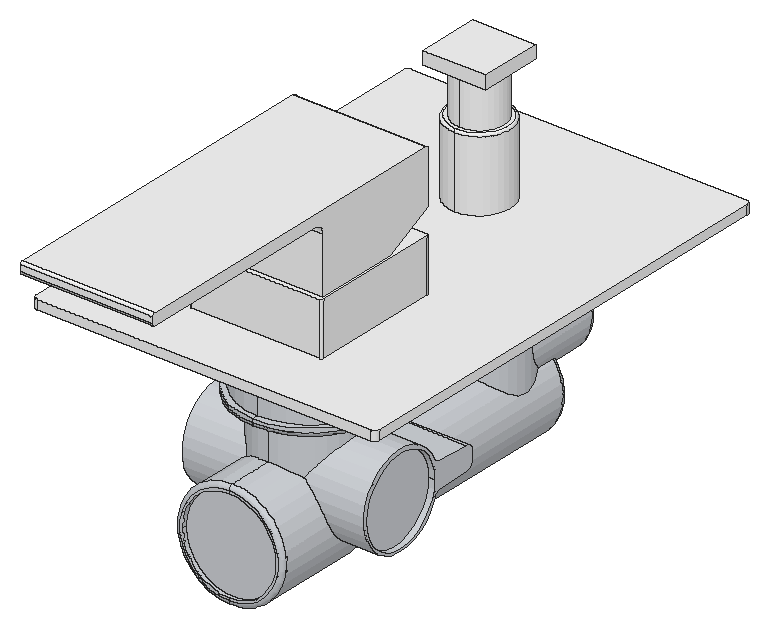
Revit family "Reece_Tap_Mizu_Bloc MK2_Shower Mixer_Diverter", category Plumbing Fixtures, host Face, Revit 2018
Family settings
  Host = Face
  Round Connector Dimension = Use Diameter
  Part Type = Normal
  Cut with Voids When Loaded = No
  Shared = Yes
  Room Calculation Point = Yes
Parameters (values of type "Chrome")
  WFU = 0  # constant formula
  URL = "https://www.reece.com.au/product/-9508070"
  Type Comments = "Tap\r\n"
  Reece_Tap_Inlet = 25 mm  # constant formula
  Reece_Tap_Clearance = 42 mm  # constant formula
  Reece_Product_Web Page = "https://www.reece.com.au/product/-9508070"
  Reece_Product_Type = "Tap\r\n"  # constant formula
  Reece_Product_Sub Brand = "Bloc MK2\r\n"  # constant formula
  Reece_Product_Number = "9508070"
  Reece_Product_Mount = "Wall Mounted"
  Reece_Product_Description = "Mizu Bloc MK2 Shower Mixer Tap with Diverter Chrome"
  Reece_Product_Brand = "Mizu\r\n"  # constant formula
  Reece_Overall_Width = 110 mm  # constant formula
  Reece_Overall_Length = 150 mm  # constant formula
  Reece_Overall_Height = 197 mm  # constant formula
  Reece_Material-Main = Reece_Brass_Chrome
  Reece_Detail_Installation = ""
  Reece_Detail_Disclaimer = "THIS FILE IS THE PROPERTY OF THE REECE GROUP. IT MAY NOT BE REPRODUCED, REVERSE-ENGINEERED OR MODIFIED. ANY REPUBLICATION, TRANSMISSION OR DISTRIBUTION FOR THE PURPOSE OF COMMERCIALLY EXPLOITING THE FILES IS PROHIBITED."  # constant formula
  Reece_Detail_Connector = ""
  Reece_Detail_Additional = "Diverter\r\n"  # constant formula
  Model = "Bloc MK2\r\n"
  Manufacturer = "Mizu\r\n"
  Keynote = "Product #9508070, Reece_Tap_Mizu_Bloc MK2_Shower Mixer_Diverter - Chrome"
  HWFU = 0  # constant formula
  Disclaimer = "THIS FILE IS THE PROPERTY OF THE REECE GROUP. IT MAY NOT BE REPRODUCED, REVERSE-ENGINEERED OR MODIFIED. ANY REPUBLICATION, TRANSMISSION OR DISTRIBUTION FOR THE PURPOSE OF COMMERCIALLY EXPLOITING THE FILES IS PROHIBITED."  # constant formula
  Description = "Mizu Bloc MK2 Shower Mixer Tap with Diverter Chrome"
  Default Elevation = 1000 mm
  CWFU = 0  # constant formula
Types (3, lengths in mm): name | URL | Reece_Product_Web Page | Reece_Product_Number | Reece_Product_Description | Reece_Material-Main | Keynote | Description
  (no name) | "https://www.reece.com.au/product/-9508070" | "https://www.reece.com.au/product/-9508070" | "9508070" | "Mizu Bloc MK2 Shower Mixer Tap with Diverter Chrome" | Reece_Brass_Chrome | "Product #9508070, Reece_Tap_Mizu_Bloc MK2_Shower Mixer_Diverter -  " | "Mizu Bloc MK2 Shower Mixer Tap with Diverter Chrome"
  Chrome | "https://www.reece.com.au/product/-9508070" | "https://www.reece.com.au/product/-9508070" | "9508070" | "Mizu Bloc MK2 Shower Mixer Tap with Diverter Chrome" | Reece_Brass_Chrome | "Product #9508070, Reece_Tap_Mizu_Bloc MK2_Shower Mixer_Diverter - Chrome" | "Mizu Bloc MK2 Shower Mixer Tap with Diverter Chrome"
  Matte Black | "https://www.reece.com.au/product/-9508084" | "https://www.reece.com.au/product/-9508084" | "9508084" | "Mizu Bloc MK2 Shower Mixer Tap with Diverter Matte Black" | Reece_Brass_Matte Black | "Product #9508084, Reece_Tap_Mizu_Bloc MK2_Shower Mixer_Diverter - Matte Black" | "Mizu Bloc MK2 Shower Mixer Tap with Diverter Matte Black"
Reference planes
  plane 1 "Center (Front/Back)": y = 0
  plane 2 "Bottom": z = 0
  plane 3 "Center (Left/Right)": x = 0
  plane 4: x = -54.999
  plane 5: x = 55.001
  plane 6: y = -89.3
  plane 7: y = 20.7
  plane 8: z = 3
  plane 9: y = 107.7
  plane 10: y = 67.692
  plane 11: y = -42.3
  plane 12: x = -21.241
  plane 13: x = 21.241
  plane 14: z = 19.785
  plane 15: z = -15.215
  plane 16 "Top": z = 45.618
  plane 17: z = 42
Forms (mm)
  Revolve 1, solid, material "Reece_Brass_Chrome" <- "Reece_Material-Main"
    sketch origin (0, 0, 0) x (0, 1, 0) y (0, 0, 1)
      loop
        arc (0, 35.123) -> (-13.115, 31.491) -> (-20.113, 19.82) r 18.332
        line (-20.113, 19.82) -> (0, 19.82) -> (0, 35.123)
      axis (0, 35.123) -> (0, 19.82)
    angle from 0 to 360
  Extrusion 2, solid, material "Reece_Brass_Chrome" <- "Reece_Material-Main"
    sketch origin (0, 0, -18.438) x (0, -1, 0) y (0, 0, 1)
      loop
        line (-20.7, 46.6) -> (-5.18, 39.207) -> (21.489, 39.207) -> (21.489, 57.284)
        arc (21.489, 57.284) -> (22.413, 59.514) -> (24.643, 60.437) r 3.153
        line (24.643, 60.437) -> (88.494, 60.437)
        arc (88.494, 60.437) -> (89.064, 60.673) -> (89.3, 61.243) r 0.805
        line (89.3, 61.243) -> (89.3, 63.146)
        arc (89.3, 63.146) -> (89.034, 63.789) -> (88.391, 64.055) r 0.909
        line (88.391, 64.055) -> (-19.678, 64.055)
        arc (-19.678, 64.055) -> (-20.401, 63.756) -> (-20.7, 63.033) r 1.022
        line (-20.7, 63.033) -> (-20.7, 46.6)
    from -21.241 to 21.241
  Extrusion 3, solid
    sketch origin (0, 0, -17.709) x (0, 1, 0) y (0, 0, 1)
      loop
        arc (28.619, -24.627) -> (28.053, -23.203) -> (26.663, -22.556) r 2.075
        line (26.663, -22.556) -> (15.199, -21.901)
        arc (15.199, -21.901) -> (14.251, -21.608) -> (13.549, -20.906) r 2.065
        arc (13.549, -20.906) -> (-14.794, -26.563) -> (13.614, -31.884) r 14.719
        arc (13.614, -31.884) -> (14.078, -30.763) -> (15.199, -30.299) r 1.585
        line (15.199, -30.299) -> (26.524, -29.733)
        arc (26.524, -29.733) -> (28.012, -29.05) -> (28.619, -27.53) r 2.205
        line (28.619, -27.53) -> (28.619, -24.627)
    from -28.981 to 28.981
  Revolve 4, solid
    sketch origin (0, 0, -27.266) x (0, 1, 0) y (0, 0, 1)
      loop
        arc (81.506, -43.319) -> (82.542, -42.89) -> (82.971, -41.855) r 1.465
        line (82.971, -41.855) -> (82.971, -27.637) -> (-17.891, -27.637) -> (-17.891, -41.855)
        arc (-17.891, -41.855) -> (-17.462, -42.89) -> (-16.426, -43.319) r 1.465
        line (-16.426, -43.319) -> (81.506, -43.319)
      axis (82.971, -27.637) -> (-17.891, -27.637)
    angle from 0 to 360
  Revolve 5, solid
    sketch origin (0, -1.25, -27.266) x (0, 1, 0) y (0, 0, 1)
      loop
        line (-15.375, 1.578) -> (-15.375, -22.287) -> (0.625, -22.287) -> (0.625, 1.578) -> (-15.375, 1.578)
      axis (0.625, 1.578) -> (0.625, -22.287)
    angle from 0 to 360
  Revolve 6, solid
    sketch origin (0, 0, 0) x (0, 1, 0) y (0, 0, 1)
      loop
        line (-15.309, -5.105) -> (0, -5.105) -> (0, 0) -> (-26.489, 0)
        arc (-26.489, 0) -> (-26.122, -1.382) -> (-25.029, -2.305) r 2.38
        line (-25.029, -2.305) -> (-25.029, -4.033)
        arc (-25.029, -4.033) -> (-24.819, -4.555) -> (-24.305, -4.784) r 0.751
        line (-24.305, -4.784) -> (-15.309, -5.105)
      axis (0, 0) -> (0, -5.105)
    angle from 0 to 360
  Extrusion 7, solid, material "Reece_Brass_Chrome" <- "Reece_Material-Main"
    sketch origin (0, 0, 0) x (1, 0, 0) y (0, 1, 0)
      loop
        line (53.266, 107.7) -> (-53.502, 107.7)
        arc (-53.502, 107.7) -> (-54.604, 107.244) -> (-55.06, 106.142) r 1.558
        line (-55.06, 106.142) -> (-55.06, -40.401)
        arc (-55.06, -40.401) -> (-54.504, -41.744) -> (-53.162, -42.3) r 1.898
        line (-53.162, -42.3) -> (53.384, -42.3)
        arc (53.384, -42.3) -> (54.484, -41.844) -> (54.94, -40.744) r 1.556
        line (54.94, -40.744) -> (54.94, 106.026)
        arc (54.94, 106.026) -> (54.45, 107.21) -> (53.266, 107.7) r 1.674
    from 0 to 3
  Revolve 8, solid, material "Reece_Brass_Chrome" <- "Reece_Material-Main"
    sketch origin (0, 0, 0) x (0, 1, 0) y (0, 0, 1)
      loop
        line (57.786, -6.649) -> (67.692, -6.649) -> (67.692, 42.951) -> (59.72, 42.951) -> (59.72, 26.285) -> (58.474, 26.285)
        arc (58.474, 26.285) -> (57.988, 26.083) -> (57.786, 25.597) r 0.688
        line (57.786, 25.597) -> (57.786, -6.649)
      axis (67.692, 42.951) -> (67.692, -6.649)
    angle from 0 to 360
  Extrusion 9, solid, material "Reece_Brass_Chrome" <- "Reece_Material-Main"
    sketch origin (0, 0, 0) x (1, 0, 0) y (0, 1, 0)
      loop
        line (-10, 57.692) -> (10, 57.692) -> (10, 77.692) -> (-10, 77.692) -> (-10, 57.692)
    from 41.465 to 45.618
  Revolve 10, solid
    sketch origin (0, 0, 0) x (0, 1, 0) y (0, 0, 1)
      loop
        line (-20.938, -9.573) -> (-20.938, -21.056) -> (-22.746, -21.056) -> (-22.746, -22.379)
        arc (-22.746, -22.379) -> (-22.17, -23.478) -> (-20.938, -23.629) r 1.336
        arc (-20.938, -23.629) -> (-19.397, -24.254) -> (-18.554, -25.688) r 2.587
        line (-18.554, -25.688) -> (-0.156, -25.688) -> (-0.156, -9.573) -> (-20.938, -9.573)
      axis (-0.156, -25.688) -> (-0.156, -9.573)
    angle from 0 to 360
  Revolve 11, solid
    sketch origin (0, 0, 0) x (0, 1, 0) y (0, 0, 1)
      loop
        line (68.004, -15.653) -> (53.22, -15.653)
        arc (53.22, -15.653) -> (51.991, -16.162) -> (51.482, -17.391) r 1.737
        line (51.482, -17.391) -> (51.483, -21.699)
        arc (51.483, -21.699) -> (52.036, -23.718) -> (53.541, -25.173) r 3.961
        line (53.541, -25.173) -> (53.541, -60.422) -> (68.004, -60.422) -> (68.004, -15.653)
      axis (68.004, -15.653) -> (68.004, -60.422)
    angle from 0 to 360
  Revolve 12, solid
    sketch origin (0, 0, 0) x (0, 1, 0) y (0, 0, 1)
      loop
        line (95.099, -24.273) -> (67.692, -24.273) -> (67.692, -38.424) -> (96.508, -38.424) -> (96.508, -25.682)
        arc (96.508, -25.682) -> (96.095, -24.685) -> (95.099, -24.273) r 1.409
      axis (96.508, -38.424) -> (67.692, -38.424)
    angle from 0 to 360
  Revolve 13, solid
    sketch origin (0, 0, 0) x (0, 1, 0) y (0, 0, 1)
      loop
        line (0, -70.585) -> (0, -53.34) -> (-32.266, -53.34) -> (-32.266, -69.12)
        arc (-32.266, -69.12) -> (-31.837, -70.156) -> (-30.801, -70.585) r 1.465
        line (-30.801, -70.585) -> (0, -70.585)
      axis (-32.266, -53.34) -> (0, -53.34)
    angle from 0 to 360
  Extrusion 14, void
    sketch origin (0, 0, 0) x (1, 0, 0) y (0, 0, 1)
      loop
        circle (0, -53.34) r 15
    from 30.92 to 42.3
  Extrusion 15, void
    sketch origin (0, 62.022, 15.593) x (1, 0, 0) y (0, 0, -1)
      loop
        circle (0, 53.965) r 12
    from 30.92 to 42.3
  Extrusion 16, void
    sketch origin (0, 0, 0) x (0, 1, 0) y (0, 0, 1)
      loop
        circle (0, -44.471) r 13.795
    from 26.826 to 34.927
  Extrusion 17, void
    sketch origin (0, 0, 0) x (0, 1, 0) y (0, 0, -1)
      loop
        circle (0, 44.471) r 13.795
    from 26.826 to 34.927
  Revolve 18, solid
    sketch origin (0, 0, 0) x (0, 1, 0) y (0, 0, 1)
      loop
        line (57.786, -6.649) -> (56.633, -7.802) -> (56.633, -15.653) -> (67.692, -15.653) -> (67.692, -3.433) -> (57.786, -3.433) -> (57.786, -6.649)
      axis (67.692, -3.433) -> (67.692, -15.653)
    angle from 0 to 360
  Revolve 19, solid, material "Reece_Brass_Chrome" <- "Reece_Material-Main"
    sketch origin (-0.354, -0.107, -7.759) x (0, 1, 0) y (0, 0, 1)
      loop
        line (-19.077, 37.918) -> (0, 37.918) -> (0, 52.259)
        arc (0, 52.259) -> (-12.408, 48.906) -> (-19.077, 37.918) r 17.297
      axis (0, 52.259) -> (0, 37.918)
    angle from 0 to 360
  Extrusion 20, solid, material "Reece_Brass_Chrome" <- "Reece_Material-Main"
    sketch origin (-49.653, -0.111, -7.759) x (1, 0, 0) y (0, 1, 0)
      loop
        arc (29.211, 21.12) -> (28.645, 20.886) -> (28.411, 20.32) r 0.8
        line (28.411, 20.32) -> (28.411, -20.801)
        arc (28.411, -20.801) -> (28.645, -21.367) -> (29.211, -21.601) r 0.8
        line (29.211, -21.601) -> (70.094, -21.601)
        arc (70.094, -21.601) -> (70.66, -21.367) -> (70.894, -20.801) r 0.8
        line (70.894, -20.801) -> (70.894, 20.362)
        arc (70.894, 20.362) -> (70.672, 20.898) -> (70.135, 21.12) r 0.758
        line (70.135, 21.12) -> (29.211, 21.12)
    from -0.053 to 27.579
Cuts and joins
  joined: Revolve 1, Extrusion 2, Extrusion 7, Revolve 8, Extrusion 9, Extrusion 20
  Extrusion 16, Extrusion 17 cuts Extrusion 3
  Extrusion 17 cuts Revolve 4
  Extrusion 17 cuts Revolve 5
  Extrusion 17 cuts Revolve 10
  Extrusion 17 cuts Revolve 11
  Extrusion 15, Extrusion 17 cuts Revolve 12
  Extrusion 14, Extrusion 17 cuts Revolve 13
  joined: Extrusion 3, Revolve 4, Revolve 5, Revolve 10, Revolve 11, Revolve 12, Revolve 13, Revolve 18
Text (mm)
  text "Reece Copyright © 2018, Reece Ltd." at (36.045, -176.794, 0), in view "Ref. Level"
  text "Reece ©" at (90.751, 227.549, 114.577), in view "Reece Preview"
Dimensions and locks
  plane 4 to plane 5 = 110 mm  (x2)
  plane 8 to host face = 2.897 mm
  "Reece_Overall_Length": plane 11 to plane 9
  plane 1 "Center (Front/Back)" to plane 10 to plane 9 = 67.692 mm, 40.009 mm
  plane 12 to plane 13 = 42.483 mm
  "Reece_Overall_Height": plane 9 to plane 6
  plane 8 to plane 2 "Bottom" = 3 mm
  plane 14 to plane 15 = 35 mm
  plane 7 to plane 6 = 110 mm
  plane 9 to plane 6 = 197 mm
  "Reece_Overall_Width": plane 4 to plane 5
  plane 15 to plane 14 = 35 mm
  plane 6 to plane 9 = 197 mm
  "Reece_Tap_Clearance": plane 17 to plane 2 "Bottom"
  plane 6 to plane 7 = 110 mm
  aligned and locked: plane 2 "Bottom" to host face
  aligned and locked: level to host face
  aligned and locked: Extrusion 7 to plane 8
Automatic sketch dimensions
  host sketch curve to host sketch curve = 380.785 mm
  host sketch curve to host sketch curve = 317.421 mm
  Extrusion 2 sketch curve to plane 7 = 0 mm
  Extrusion 2 sketch curve to plane 16 "Top" = 0 mm
  Extrusion 2 sketch curve to plane 17 = 0 mm
  Extrusion 2 sketch curve to plane 6 = 0 mm
  Extrusion 2 sketch curve to plane 7 = 1.022 mm
  plane 14 to Extrusion 2 sketch curve = 0.984 mm
  Extrusion 2 sketch curve to plane 1 "Center (Front/Back)" = 5.18 mm
  Extrusion 2 sketch curve to plane 11 = 20.81 mm
  Extrusion 2 sketch curve to Extrusion 2 sketch curve = 3.153 mm
  plane 6 to Extrusion 2 sketch curve = 0.909 mm
  plane 6 to Extrusion 2 sketch curve = 0.805 mm
  plane 14 to Extrusion 2 sketch curve = 8.377 mm
  plane 1 "Center (Front/Back)" to Extrusion 3 sketch curve = 0.075 mm
  Extrusion 3 sketch curve to plane 7 = 5.501 mm  (x2)
  Extrusion 3 sketch curve to Extrusion 3 sketch curve = 0.118 mm  (x2)
  plane 7 to Extrusion 3 sketch curve = 5.714 mm
  Extrusion 3 sketch curve to Extrusion 3 sketch curve = 0.11 mm
  Extrusion 3 sketch curve to Extrusion 3 sketch curve = 0.13 mm
  Extrusion 3 sketch curve to Extrusion 3 sketch curve = 2.205 mm
  Extrusion 3 sketch curve to plane 15 = 34.378 mm
  Extrusion 3 sketch curve to Extrusion 3 sketch curve = 1.585 mm
  Extrusion 3 sketch curve to Extrusion 3 sketch curve = 0.566 mm
  Extrusion 3 sketch curve to Extrusion 3 sketch curve = 5.408 mm
  Extrusion 3 sketch curve to Extrusion 3 sketch curve = 2.903 mm
  Extrusion 3 sketch curve to Extrusion 3 sketch curve = 8.398 mm
  Extrusion 3 sketch curve to Extrusion 3 sketch curve = 2.062 mm
  plane 1 "Center (Front/Back)" to Revolve 4 sketch curve = 17.891 mm
  Revolve 4 sketch curve to Revolve 4 sketch curve = 1.465 mm  (x2)
  Revolve 4 sketch curve to plane 10 = 13.814 mm
  Revolve 4 sketch curve to plane 15 = 55.37 mm
  Revolve 4 sketch curve to Revolve 4 sketch curve = 14.218 mm
  Revolve 4 sketch curve to plane 11 = 3.323 mm
  Revolve 4 sketch curve to plane 9 = 8.323 mm
  Revolve 4 sketch curve to Revolve 4 sketch curve = 0 mm
  plane 1 "Center (Front/Back)" to Revolve 5 sketch curve = 16.625 mm
  plane 1 "Center (Front/Back)" to Revolve 5 sketch curve = 0.625 mm  (x2)
  Revolve 5 sketch curve to plane 15 = 34.338 mm
  Revolve 5 sketch curve to plane 15 = 10.473 mm
  Revolve 5 sketch curve to Revolve 5 sketch curve = 16.823 mm
  Revolve 5 sketch curve to plane 15 = 2.835 mm
  level to Revolve 6 sketch curve = 0 mm
  Revolve 6 sketch curve to plane 1 "Center (Front/Back)" = 0 mm  (x2)
  Revolve 6 sketch curve to level = 5.105 mm
  plane 1 "Center (Front/Back)" to Revolve 6 sketch curve = 15.309 mm
  Revolve 6 sketch curve to level = 0.109 mm
  Revolve 6 sketch curve to Revolve 6 sketch curve = 8.803 mm
  Revolve 6 sketch curve to Revolve 6 sketch curve = 0.167 mm
  Revolve 6 sketch curve to level = 4.784 mm
  Revolve 6 sketch curve to Revolve 6 sketch curve = 0.027 mm
  Revolve 6 sketch curve to Revolve 6 sketch curve = 0.751 mm
  Revolve 6 sketch curve to Revolve 6 sketch curve = 2.377 mm
  plane 15 to Revolve 6 sketch curve = 0.111 mm
  plane 8 to Revolve 6 sketch curve = 3.306 mm
  plane 9 to Extrusion 7 sketch curve = 0 mm
  plane 11 to Extrusion 7 sketch curve = 0 mm
  plane 4 to Extrusion 7 sketch curve = 0.061 mm
  Extrusion 7 sketch curve to plane 4 = 1.497 mm
  Extrusion 7 sketch curve to plane 4 = 1.837 mm
  plane 5 to Extrusion 7 sketch curve = 1.735 mm
  plane 5 to Extrusion 7 sketch curve = 1.617 mm
  plane 5 to Extrusion 7 sketch curve = 0.061 mm
  Revolve 8 sketch curve to plane 10 = 0 mm  (x2)
  plane 10 to Revolve 8 sketch curve = 7.971 mm
  Revolve 8 sketch curve to Revolve 8 sketch curve = 1.246 mm
  plane 10 to Revolve 8 sketch curve = 9.905 mm
  Revolve 8 sketch curve to level = 6.649 mm
  plane 14 to Revolve 8 sketch curve = 5.811 mm
  plane 17 to Revolve 8 sketch curve = 0.951 mm
  Revolve 8 sketch curve to plane 15 = 6.485 mm
  plane 16 "Top" to Revolve 8 sketch curve = 8.125 mm
  Extrusion 9 sketch curve to plane 3 "Center (Left/Right)" = 10 mm
  plane 3 "Center (Left/Right)" to Extrusion 9 sketch curve = 10 mm
  plane 10 to Extrusion 9 sketch curve = 10 mm
  Extrusion 9 sketch curve to plane 10 = 10 mm
  Revolve 10 sketch curve to plane 15 = 5.842 mm
  Revolve 10 sketch curve to plane 11 = 19.554 mm
  Revolve 10 sketch curve to Revolve 10 sketch curve = 1.336 mm
  Revolve 10 sketch curve to Revolve 10 sketch curve = 0.322 mm
  plane 15 to Revolve 10 sketch curve = 5.642 mm
  Revolve 10 sketch curve to Revolve 10 sketch curve = 1.807 mm
  Revolve 10 sketch curve to Revolve 10 sketch curve = 2.534 mm
  plane 1 "Center (Front/Back)" to Revolve 10 sketch curve = 0.156 mm  (x2)
  Revolve 10 sketch curve to Revolve 10 sketch curve = 1.323 mm
  Revolve 10 sketch curve to Revolve 10 sketch curve = 3.309 mm
  Revolve 10 sketch curve to Revolve 10 sketch curve = 0.525 mm
  Revolve 10 sketch curve to Revolve 10 sketch curve = 0 mm
  Revolve 10 sketch curve to level = 1.68 mm
  Revolve 11 sketch curve to plane 15 = 2.176 mm
  plane 10 to Revolve 11 sketch curve = 16.21 mm
  Revolve 11 sketch curve to plane 15 = 6.484 mm
  Revolve 11 sketch curve to Revolve 11 sketch curve = 0.001 mm
  Revolve 11 sketch curve to Revolve 11 sketch curve = 1.737 mm
  Revolve 11 sketch curve to Revolve 11 sketch curve = 2.058 mm
  Revolve 11 sketch curve to Revolve 11 sketch curve = 3.961 mm
  Revolve 11 sketch curve to plane 10 = 0.312 mm  (x2)
  Revolve 11 sketch curve to Revolve 11 sketch curve = 3.474 mm
  Revolve 11 sketch curve to Revolve 11 sketch curve = 35.249 mm
  Revolve 11 sketch curve to Revolve 11 sketch curve = 0 mm
  Revolve 11 sketch curve to Revolve 11 sketch curve = 3.952 mm
  plane 15 to Revolve 11 sketch curve = 3.319 mm
  Revolve 12 sketch curve to plane 10 = 0 mm
  plane 9 to Revolve 12 sketch curve = 12.602 mm
  plane 9 to Revolve 12 sketch curve = 11.192 mm
  Revolve 12 sketch curve to plane 15 = 23.209 mm  (x2)
  Revolve 12 sketch curve to plane 15 = 10.467 mm
  plane 7 to Revolve 12 sketch curve = 18.045 mm
  plane 9 to Revolve 12 sketch curve = 5.334 mm
  Revolve 13 sketch curve to plane 1 "Center (Front/Back)" = 0 mm
  Revolve 13 sketch curve to plane 11 = 11.499 mm
  Revolve 13 sketch curve to plane 11 = 10.034 mm
  Revolve 13 sketch curve to plane 15 = 55.37 mm
  Revolve 13 sketch curve to Revolve 13 sketch curve = 15.78 mm
  Revolve 13 sketch curve to Revolve 13 sketch curve = 0 mm  (x2)
  plane 7 to Revolve 13 sketch curve = 5 mm
  Extrusion 14 sketch curve to plane 3 "Center (Left/Right)" = 0 mm
  Extrusion 14 sketch curve to plane 15 = 38.125 mm
  Extrusion 15 sketch curve to plane 3 "Center (Left/Right)" = 0 mm
  Extrusion 15 sketch curve to plane 15 = 23.157 mm
  Extrusion 16 sketch curve to plane 1 "Center (Front/Back)" = 0 mm
  Extrusion 16 sketch curve to plane 15 = 29.256 mm
  Extrusion 17 sketch curve to plane 1 "Center (Front/Back)" = 0 mm
  Extrusion 17 sketch curve to plane 15 = 29.256 mm
  Revolve 18 sketch curve to plane 10 = 0 mm  (x2)
  plane 10 to Revolve 18 sketch curve = 9.905 mm
  Revolve 18 sketch curve to Revolve 18 sketch curve = 1.153 mm  (x2)
  Revolve 18 sketch curve to plane 15 = 0.439 mm
  plane 15 to Revolve 18 sketch curve = 7.413 mm
  Revolve 18 sketch curve to Revolve 18 sketch curve = 3.217 mm
  Revolve 18 sketch curve to Revolve 18 sketch curve = 18.345 mm
  plane 14 to Revolve 18 sketch curve = 8.613 mm
  plane 1 "Center (Front/Back)" to Revolve 19 sketch curve = 19.184 mm
  plane 1 "Center (Front/Back)" to Revolve 19 sketch curve = 2.122 mm
  plane 1 "Center (Front/Back)" to Revolve 19 sketch curve = 0.107 mm  (x2)
  plane 14 to Revolve 19 sketch curve = 7.536 mm
  Revolve 19 sketch curve to Revolve 19 sketch curve = 2.838 mm
  Revolve 19 sketch curve to plane 15 = 41.773 mm
  plane 16 "Top" to Revolve 19 sketch curve = 53.447 mm
  Extrusion 20 sketch curve to plane 12 = 0 mm
  plane 12 to Extrusion 20 sketch curve = 0.8 mm  (x2)
  Extrusion 20 sketch curve to plane 13 = 0.8 mm
  Extrusion 20 sketch curve to plane 7 = 0.45 mm
  Extrusion 20 sketch curve to plane 13 = 0.758 mm
  Extrusion 20 sketch curve to plane 13 = 0 mm
  plane 1 "Center (Front/Back)" to Extrusion 20 sketch curve = 20.913 mm
  Revolve 1 sketch curve to plane 1 "Center (Front/Back)" = 0 mm  (x2)
  plane 1 "Center (Front/Back)" to Revolve 1 sketch curve = 2.014 mm
  Revolve 1 sketch curve to plane 14 = 2.884 mm
  Revolve 1 sketch curve to plane 17 = 6.877 mm
  plane 14 to Revolve 1 sketch curve = 0.035 mm
  Revolve 1 sketch curve to plane 15 = 17.906 mm
  plane 16 "Top" to Revolve 1 sketch curve = 61.262 mm
  radius of Extrusion 14 sketch curve = 15 mm
  radius of Extrusion 15 sketch curve = 12 mm
  radius of Extrusion 16 sketch curve = 13.795 mm
  radius of Extrusion 17 sketch curve = 13.795 mm
Connectors
  piping at (0, -30.92, -53.34), diameter 25, driven by "Reece_Tap_Inlet"
    settings: on cut or joined group 1 (Extrusion 3, Revolve 4, Revolve 5, Revolve 10, Revolve 11, Revolve 12, Revolve 13, Extrusion 14, Extrusion 15, Extrusion 16, Extrusion 17, Revolve 18), index 1, connector inside diameter 609.6 mm, connector length 0 mm, flow factor 0, pipe flow 0.0 L/s, pressure drop 0.0 Pa, fitting loss kfactor 0, connector angle 0.00°, fixture units 0, engagement length 0 mm, angle of deflection 0.00°, flow configuration 0, flow direction 2, fitting loss method 0, system type 29, joint type 0, gender type 0, connector reference index -1, connector utility 0, adjustable connector no, is connector primary yes, connector description ""
  piping at (0, 92.942, -38.371), diameter 25, driven by "Reece_Tap_Inlet"
    settings: on cut or joined group 1, index 2, connector inside diameter 609.6 mm, connector length 0 mm, flow factor 0, pipe flow 0.0 L/s, pressure drop 0.0 Pa, fitting loss kfactor 0, connector angle 0.00°, fixture units 0, engagement length 0 mm, angle of deflection 0.00°, flow configuration 0, flow direction 2, fitting loss method 0, system type 29, joint type 0, gender type 0, connector reference index -1, connector utility 0, adjustable connector no, is connector primary no, connector description ""
  piping at (-26.826, 0, -44.471), diameter 25, driven by "Reece_Tap_Inlet"
    settings: on cut or joined group 1, index 3, connector inside diameter 609.6 mm, connector length 0 mm, flow factor 0, pipe flow 0.0 L/s, pressure drop 0.0 Pa, fitting loss kfactor 0, connector angle 0.00°, fixture units 0, engagement length 0 mm, angle of deflection 0.00°, flow configuration 0, flow direction 1, fitting loss method 0, system type 29, joint type 0, gender type 0, connector reference index -1, connector utility 0, adjustable connector no, is connector primary no, connector description ""
  piping at (26.826, 0, -44.471), diameter 25, driven by "Reece_Tap_Inlet"
    settings: on cut or joined group 1, index 4, connector inside diameter 609.6 mm, connector length 0 mm, flow factor 0, pipe flow 0.0 L/s, pressure drop 0.0 Pa, fitting loss kfactor 0, connector angle 0.00°, fixture units 0, engagement length 0 mm, angle of deflection 0.00°, flow configuration 0, flow direction 1, fitting loss method 0, system type 29, joint type 0, gender type 0, connector reference index -1, connector utility 0, adjustable connector no, is connector primary no, connector description ""
